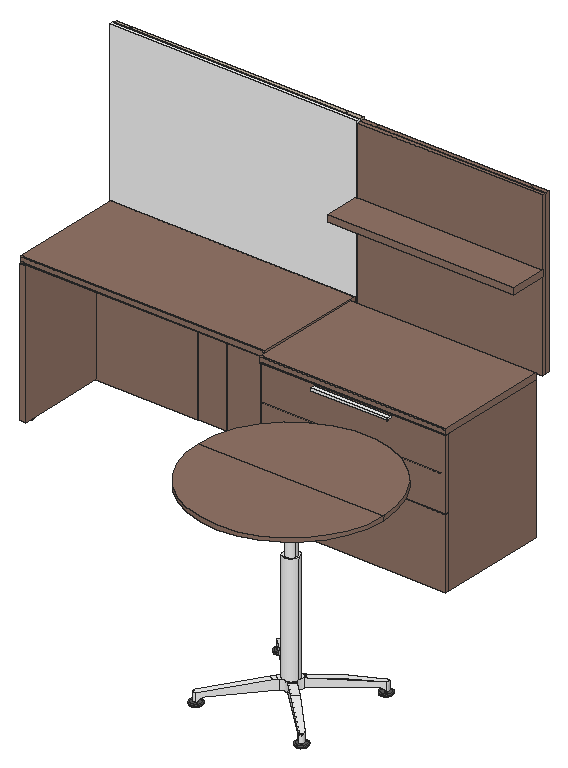
Revit family "FLV012", category Furniture, Revit 2019 (continued)
Definition of nested family "JSI-Flux-File_Strg_Crednz"
  Automatic sketch dimensions
    Extrusion 18 sketch curve to plane 64 = 0' - 0"  (x2)
    Extrusion 18 sketch curve to plane 65 = 0' - 0"  (x2)
    Extrusion 14 sketch curve to plane 40 = 0' - 0"
    Extrusion 14 sketch curve to plane 27 = 0' - 0"
    Extrusion 14 sketch curve to plane 60 = 0' - 0"  (x2)
    Extrusion 14 sketch curve to plane 39 = 0' - 0"
    Extrusion 14 sketch curve to plane 61 = 0' - 0"  (x2)
    Extrusion 10 sketch curve to Extrusion 10 sketch curve = 1' - 6"
    Extrusion 15 sketch curve to Extrusion 15 sketch curve = 1' - 6"
    Extrusion 25 sketch curve to plane 11 = 0' - 0"  (x2)
    plane 14 to Extrusion 26 sketch curve = 0' - 0"
    Extrusion 26 sketch curve to plane 66 = 0' - 0"
    Extrusion 27 sketch curve to plane 66 = 0' - 0"
    plane 68 to Extrusion 27 sketch curve = 0' - 0"
    plane 14 to Extrusion 28 sketch curve = 0' - 0"
    Extrusion 28 sketch curve to plane 32 = 0' - 0"
    Extrusion 29 sketch curve to plane 32 = 0' - 0"
    plane 68 to Extrusion 29 sketch curve = 0' - 0"
    plane 14 to Extrusion 30 sketch curve = 0' - 0"
    Extrusion 30 sketch curve to plane 33 = 0' - 0"
    Extrusion 31 sketch curve to plane 33 = 0' - 0"
    plane 68 to Extrusion 31 sketch curve = 0' - 0"
    plane 14 to Extrusion 32 sketch curve = 0' - 0"
    Extrusion 32 sketch curve to plane 67 = 0' - 0"
    Extrusion 33 sketch curve to plane 67 = 0' - 0"
    plane 68 to Extrusion 33 sketch curve = 0' - 0"
    plane 13 to curve 14 = 0' - 0"
    plane 9 to curve 13 = 0' - 0"
  Nested families (in)
    nested 1: "Bar Pull C_Long" at (-14.35519, -11.125, 27.48438), visible <- "L_Pull", Pull Finish <- "Pull Finish", Pull Lines <- "L_Pull", type "PL"
      with Pull Lines yes, Pull Finish none
    nested 2: "Bar Pull C_Long" at (-14.35519, -11.125, 13.79688), Pull Finish <- "Pull Finish", Pull Lines <- "L_Pull_Bottom", visible <- "L_Pull_Bottom", type "PL"
      with Pull Lines yes, Pull Finish none
    nested 3: "Bar Pull C_Long" at (8.69374, -11.125, 27.48438), visible <- "C_Pull", Pull Finish <- "Pull Finish", Pull Lines <- "C_Pull", type "PL"
      with Pull Lines yes, Pull Finish none
    nested 4: "Bar Pull C_Long" at (8.69374, -11.125, 13.79688), Pull Finish <- "Pull Finish", Pull Lines <- "C_Pull_Bottom", visible <- "C_Pull_Bottom", type "PL"
      with Pull Lines yes, Pull Finish none
    nested 5: "Bar Pull C_Long" at (31.74267, -11.125, 27.48438), visible <- "R_Pull", Pull Finish <- "Pull Finish", Pull Lines <- "R_Pull", type "PL"
      with Pull Lines yes, Pull Finish none
    nested 6: "Bar Pull C_Long" at (31.74267, -11.125, 13.79688), Pull Finish <- "Pull Finish", Pull Lines <- "R_Pull_Bottom", visible <- "R_Pull_Bottom", type "PL"
      with Pull Lines yes, Pull Finish none
    nested 7: "Label 1-16" at (11.93587, -11.25, 0), type "DRWCFG"
    nested 8: "Bar Pull C_Long" at (-14.35519, -11.125, 20.64063), visible <- "F3", Pull Finish <- "Pull Finish", Pull Lines <- "F3", type "PL"
      with Pull Lines no, Pull Finish none
  Definition of nested family "Bar Pull C_Long"
    Parameters
      Stud = Long Pull Width / 7  # 0' - 2.12261"
      Pull Lines [instance] = yes
      Long Pull Width = 1' - 2.85827"
      Pull Finish [instance] = none
    Reference planes (in)
      plane 1 "Center Front/Back": y = 0
      plane 2: z = 0
      plane 3 "Center Left/Right": x = 3.24213
      plane 4: y = -0.125
    Forms (in)
      Extrusion 1, solid, material <- "Pull Finish"
        sketch origin (0, 0, 0) x (1, 0, 0) y (0, 1, 0)
          loop
            line (-4.18701, 0) -> (-4.18701, -0.85113)
            arc (-4.18701, -0.85113) -> (-4.15955, -0.91742) -> (-4.09326, -0.94488) r 0.09375
            line (-4.09326, -0.94488) -> (10.59252, -0.94488)
            arc (10.59252, -0.94488) -> (10.6482, -0.92182) -> (10.67126, -0.86614) r 0.07874
            line (10.67126, -0.86614) -> (10.67126, 0) -> (8.54865, 0) -> (8.54865, -0.70177)
            arc (8.54865, -0.70177) -> (8.51204, -0.79016) -> (8.42365, -0.82677) r 0.125
            line (8.42365, -0.82677) -> (-1.9394, -0.82677)
            arc (-1.9394, -0.82677) -> (-2.02779, -0.79016) -> (-2.0644, -0.70177) r 0.125
            line (-2.0644, -0.70177) -> (-2.0644, 0) -> (-4.18701, 0)
        from -0.43307 to -0.11811
      Extrusion 2, solid, material <- "Pull Finish"
        sketch origin (0, 0, 0) x (1, 0, 0) y (0, 1, 0)
          loop
            line (-4.18701, 0) -> (-4.18701, -0.85113)
            arc (-4.18701, -0.85113) -> (-4.15955, -0.91742) -> (-4.09326, -0.94488) r 0.09375
            line (-4.09326, -0.94488) -> (10.59252, -0.94488)
            arc (10.59252, -0.94488) -> (10.6482, -0.92182) -> (10.67126, -0.86614) r 0.07874
            line (10.67126, -0.86614) -> (10.67126, 0) -> (-4.18701, 0)
        from 0 to -0.11811
    Cuts and joins
      joined: Extrusion 1, Extrusion 2
    Lines and regions (in)
      symbolic lines, visible <- "Pull Lines"
        curve 1: line (-4.18701, -0.125, 0) -> (-4.18701, -0.85113, 0)
        curve 2: line (-4.09326, -0.94488, 0) -> (10.59252, -0.94488, 0)
        curve 3: line (10.67126, -0.86614, 0) -> (10.67126, -0.125, 0)
        curve 4: arc (10.59252, -0.94488, 0) -> (10.6482, -0.92182, 0) -> (10.67126, -0.86614, 0) r 0.07874
        curve 5: arc (-4.18701, -0.85113, 0) -> (-4.15955, -0.91742, 0) -> (-4.09326, -0.94488, 0) r 0.09375
    Dimensions and locks (in)
      equal spacing: Extrusion 1 sketch curve, plane 3 "Center Left/Right", Extrusion 1 sketch curve
      "Stud": Extrusion 1 sketch curve to Extrusion 1 sketch curve  (x2)
      "Long Pull Width": Extrusion 1 sketch curve to Extrusion 1 sketch curve
      locked: plane 4 to plane 1 "Center Front/Back" at 0.125
      aligned and locked: level to plane 2
      aligned and locked: Extrusion 2 sketch curve to Extrusion 1  (x2)
      aligned and locked: cut or joined group of Extrusion 1, Extrusion 2 to curve 1
      aligned and locked: curve 4 to cut or joined group of Extrusion 1, Extrusion 2
      aligned and locked: curve 5 to cut or joined group of Extrusion 1, Extrusion 2
      aligned and locked: plane 4 to curve 1
      aligned and locked: plane 4 to curve 3
    Automatic sketch dimensions
      plane 1 "Center Front/Back" to Extrusion 2 sketch curve = 0' - 0"
      plane 1 "Center Front/Back" to Extrusion 1 sketch curve = 0' - 0"  (x2)
      Extrusion 1 sketch curve to Extrusion 1 sketch curve = 0' - 0 3/32"
      Extrusion 1 sketch curve to Extrusion 1 sketch curve = 0' - 0 1/8"  (x2)
      Extrusion 1 sketch curve to Extrusion 1 sketch curve = 0' - 0.07874"
      plane 4 to Extrusion 1 sketch curve = 0' - 0.57677"
      plane 4 to Extrusion 1 sketch curve = 0' - 0.72613"
  Definition of nested family "Label 1-16"
    Parameters
      Model Name = "LOW DOOR"
    Reference planes (in)
      plane 1: y = 0
      plane 2: x = 0
    Text (in)
      label "XX" at (0.00051, -0.12324, 0), shows "Model Name"
Definition of nested family "JSI-Flux-Wall_Mount_Mkrbrd"
  Parameters (values of type "Type Catalog - Wall Mount Markerboard")
    Width = 4' - 0"
    URL = "www.jsifurniture.com"
    Type Comments = ""
    TAG = ""
    Support Width = if(Width > 3' 3", 2' 6", (if(Width > 2' 9", 2' 0", (if(Width > 2' 0", 1' 6", (if(Width > 1' 6", 1' 0", 0' 7")))))))  # 2' - 6"
    Support Height = if(Height > 3' 5", 0' 7 1/2", if(Height > 2' 8", 0' 11 1/2", 0' 2 1/4"))  # 0' - 11 1/2"
    Support = none
    Series = "FLUX"  # constant formula
    OH Elevation = 2' - 5"
    Model = ""
    Manufacturer = "JSI"  # constant formula
    Keynote = "12500"
    JSI Enviromental Website = "http://www.jsifurniture.com/jsi_sustainability_intro.php"
    Height = 3' - 5"
    Markerboard = none
    Description = ""
    Depth = 0' - 1 1/2"
    Chassis = none
    Assembly Code = "E2020200"
  Reference planes (in)
    plane 1: z = 0
    plane 2 "Center (Left/Right)": x = -36.06413
    plane 3 "Center (Front/Back)": y = 10.75
    plane 4: x = 11.93587
    plane 5: y = 10
    plane 6: y = 9.25
    plane 7: x = -12.06413
    plane 8: x = -33.06413
    plane 9: x = 8.93587
    plane 10: z = 70
    plane 11: z = 69.75
    plane 12: z = 66.75
    plane 13: z = 64.5
    plane 14: z = 40.5
    plane 15: z = 42.75
    plane 16: z = 65.25
    plane 17: z = 41.25
    plane 18: x = -27.06413
    plane 19: x = 2.93587
    plane 20: z = 29
  Forms (in)
    Extrusion 1, solid, material <- "Markerboard"
      sketch origin (0, 0, 0) x (1, 0, 0) y (0, 1, 0)
        loop
          line (11.93587, 10) -> (-36.06413, 10) -> (-36.06413, 9.25) -> (11.93587, 9.25) -> (11.93587, 10)
      from 29 to 69.75
    Extrusion 2, solid, material <- "Chassis"
      sketch origin (0, 0, 0) x (1, 0, 0) y (0, 1, 0)
        loop
          line (-36.06413, 10.75) -> (-36.06413, 10) -> (-33.06413, 10) -> (-33.06413, 10.75) -> (-36.06413, 10.75)
      from 29 to 69.75
    Extrusion 3, solid, material <- "Chassis"
      sketch origin (0, 0, 0) x (1, 0, 0) y (0, 1, 0)
        loop
          line (8.93587, 10.75) -> (8.93587, 10) -> (11.93587, 10) -> (11.93587, 10.75) -> (8.93587, 10.75)
      from 29 to 69.75
    Extrusion 4, solid, material <- "Support"
      sketch origin (0, 0, 0) x (0, 1, 0) y (0, 0, 1)
        loop
          line (10.75, 69.75) -> (10, 69.75) -> (10, 66.75) -> (10.75, 66.75) -> (10.75, 69.75)
      from -33.06413 to 8.93587
    Extrusion 5, solid, material <- "Support"
      sketch origin (0, 0, 0) x (0, 1, 0) y (0, 0, 1)
        loop
          line (10.75, 65.25) -> (10.75, 66.75) -> (10, 66.75) -> (10, 65.25) -> (10.75, 65.25)
      from -27.06413 to 2.93587
    Extrusion 6, solid, material <- "Support"
      sketch origin (0, 0, 0) x (0, 1, 0) y (0, 0, 1)
        loop
          line (10.75, 65.25) -> (10, 65.25) -> (10, 64.5) -> (10.75, 64.5) -> (10.75, 65.25)
      from -27.06413 to 2.93587
    Extrusion 7, solid, material <- "Support"
      sketch origin (0, 0, 0) x (0, 1, 0) y (0, 0, 1)
        loop
          line (10.75, 42.75) -> (10, 42.75) -> (10, 41.25) -> (10.75, 41.25) -> (10.75, 42.75)
      from -27.06413 to 2.93587
    Extrusion 8, solid, material <- "Support"
      sketch origin (0, 0, 0) x (0, 1, 0) y (0, 0, 1)
        loop
          line (10.75, 41.25) -> (10, 41.25) -> (10, 40.5) -> (10.75, 40.5) -> (10.75, 41.25)
      from -27.06413 to 2.93587
  Lines and regions (in)
    symbolic lines
      curve 1: line (-36.06413, 10.75, 0) -> (-36.06413, 9.25, 0)
      curve 2: line (11.93587, 10.75, 0) -> (11.93587, 9.25, 0)
      curve 3: line (11.93587, 10.75, 0) -> (-36.06413, 10.75, 0)
      curve 4: line (11.93587, 9.25, 0) -> (-36.06413, 9.25, 0)
  Dimensions and locks (in)
    locked: plane 5 to plane 3 "Center (Front/Back)" at 0.75
    "Depth": plane 6 to plane 3 "Center (Front/Back)"
    "Width": plane 2 "Center (Left/Right)" to plane 4
    equal spacing: plane 2 "Center (Left/Right)", plane 7, plane 4
    locked: plane 2 "Center (Left/Right)" to plane 8 at 3
    locked: plane 9 to plane 4 at 3
    plane 10 to plane 11 to plane 12 = 0' - 0 1/4" locked, 0' - 3" locked
    locked: plane 12 to plane 13 at 2.25
    locked: plane 15 to plane 14 at 2.25
    locked: plane 15 to plane 17 at 1.5
    locked: plane 12 to plane 16 at 1.5
    "Support Width": plane 18 to plane 19
    equal spacing: plane 18, plane 7, plane 19
    "OH Elevation": plane 20 to plane 1
    "Height": plane 10 to plane 20
    "Support Height": plane 14 to plane 20
    aligned and locked: level to plane 1
    aligned and locked: Extrusion 1 sketch curve to plane 5
    aligned and locked: Extrusion 1 sketch curve to plane 6
    aligned and locked: Extrusion 1 sketch curve to plane 2 "Center (Left/Right)"
    aligned and locked: Extrusion 1 sketch curve to plane 4
    aligned and locked: plane 11 to Extrusion 1
    aligned and locked: Extrusion 1 to plane 20
    aligned and locked: Extrusion 2 sketch curve to plane 2 "Center (Left/Right)"
    aligned and locked: Extrusion 2 sketch curve to plane 8
    aligned and locked: Extrusion 2 sketch curve to plane 5
    aligned and locked: Extrusion 2 sketch curve to plane 3 "Center (Front/Back)"
    aligned and locked: Extrusion 3 sketch curve to plane 9
    aligned and locked: Extrusion 3 sketch curve to plane 4
    aligned and locked: Extrusion 3 sketch curve to plane 5
    aligned and locked: Extrusion 3 sketch curve to plane 3 "Center (Front/Back)"
    aligned and locked: plane 11 to Extrusion 2
    aligned and locked: plane 11 to Extrusion 3
    aligned and locked: Extrusion 2 to plane 20
    aligned and locked: Extrusion 3 to plane 20
    aligned and locked: plane 11 to Extrusion 4 sketch curve
    aligned and locked: plane 12 to Extrusion 4 sketch curve
    aligned and locked: plane 3 "Center (Front/Back)" to Extrusion 4 sketch curve
    aligned and locked: plane 5 to Extrusion 4 sketch curve
    aligned and locked: Extrusion 4 to plane 8
    aligned and locked: plane 9 to Extrusion 4
    aligned and locked: plane 16 to Extrusion 5 sketch curve
    aligned and locked: plane 12 to Extrusion 5 sketch curve
    aligned and locked: plane 5 to Extrusion 5 sketch curve
    aligned and locked: plane 3 "Center (Front/Back)" to Extrusion 5 sketch curve
    aligned and locked: plane 16 to Extrusion 6 sketch curve
    aligned and locked: plane 13 to Extrusion 6 sketch curve
    aligned and locked: plane 3 "Center (Front/Back)" to Extrusion 6 sketch curve
    aligned and locked: plane 5 to Extrusion 6 sketch curve
    aligned and locked: plane 15 to Extrusion 7 sketch curve
    aligned and locked: plane 17 to Extrusion 7 sketch curve
    aligned and locked: plane 3 "Center (Front/Back)" to Extrusion 7 sketch curve
    aligned and locked: plane 5 to Extrusion 7 sketch curve
    aligned and locked: plane 17 to Extrusion 8 sketch curve
    aligned and locked: plane 14 to Extrusion 8 sketch curve
    aligned and locked: plane 3 "Center (Front/Back)" to Extrusion 8 sketch curve
    aligned and locked: plane 5 to Extrusion 8 sketch curve
    aligned and locked: Extrusion 5 to plane 18
    aligned and locked: Extrusion 6 to plane 18
    aligned and locked: plane 19 to Extrusion 5
    aligned and locked: plane 19 to Extrusion 6
    aligned and locked: Extrusion 8 to plane 18
    aligned and locked: Extrusion 7 to plane 18
    aligned and locked: plane 19 to Extrusion 8
    aligned and locked: plane 19 to Extrusion 7
    aligned and locked: curve 1 to plane 2 "Center (Left/Right)"
    aligned and locked: curve 2 to plane 4
    aligned and locked: curve 3 to plane 3 "Center (Front/Back)"
    aligned and locked: curve 4 to plane 6
Definition of nested family "JSI-Flux-Workwall_Panel"
  Parameters (values of type "Type Catalog - Workwall Panel")
    Width = 3' - 6"
    URL = "www.jsifurniture.com"
    Type Comments = ""
    Tray = if(Tray_V_Dist < Depth, 2 > 1, 1 > 2)  # yes
    Tray_V_Dist = if(L_Bracket, (Depth + 0' 2"), (if(R_Bracket, (Depth + 0' 2"), (if(Acc, Cup Dist, Depth + 0' 2")))))  # 0' - 3 33/64"
    Tr = yes
    TAG = ""
    Support Width = if(Width > 3' 3", 2' 6", (if(Width > 2' 9", 2' 0", (if(Width > 2' 0", 1' 6", (if(Width > 1' 6", 1' 0", 0' 7")))))))  # 2' - 6"
    Support Height = if(Height > 3' 5", 0' 7 1/2", if(Height > 2' 8", 0' 11 1/2", 0' 2 1/4"))  # 0' - 2 1/4"
    Support = none
    Shelf = none
    Series = "FLUX"  # constant formula
    Tray_H_Dist = if(R, (Clip Dist + 0' 10 31/32"), (Clip Dist - 0' 10 31/32"))  # 1' - 0 1/32"
    R_Bracket_V_Dist = if(R_Bracket, 0' 0", Depth + 0' 2")  # 0' - 10 17/32"
    R_Bracket Dist = L_Bracket Dist  # 0' - 5 13/16"
    R_Bracket = no
    OH Elevation = 2' - 5"
    Model = ""
    Manufacturer = "JSI"  # constant formula
    L_Bracket_V_Dist = if(L_Bracket, 0' 0", Depth + 0' 2")  # 0' - 10 17/32"
    L_Bracket = no
    R = no
    Keynote = "12500"
    JSI Enviromental Website = "http://www.jsifurniture.com/jsi_sustainability_intro.php"
    Height = 2' - 0"
    Panel = none
    Description = ""
    Depth = 0' - 8 17/32"
    Cup Dist = if(Acc, 0' 3 33/64", Depth + 0' 2")  # 0' - 3 33/64"
    Cup_H_Dist = if(R, (if(Width > 3' 3", 0' 9", (if(Width > 3' 0", 0' 8", (if(Width > 2' 9", 0' 7", (if(Width > 2' 6", 0' 6", 0' 5")))))))), (if(Width > 3' 3", (Width - 0' 9"), (if(Width > 3' 0", (Width - 0' 8"), (if(Width > 2' 9", (Width - 0' 7"), (if(Width > 2' 6", (Width - 0' 6"), (Width - 0' 5"))))))))))  # 2' - 9"
    Cup = if(Cup Dist < Depth, 2 > 1, 1 > 2)  # yes
    Clip = if(Cup Dist < Depth, 2 > 1, 1 > 2)  # yes
    Chassis = none
    Clip Dist = if(R, ((Cup_H_Dist * 2) + 0' 1"), (Cup_H_Dist - (if(Width > 3' 3", 0' 10", (if(Width > 3' 0", 0' 9", (if(Width > 2' 9", 0' 8", (if(Width > 2' 6", 0' 7", 0' 6"))))))))))  # 1' - 11"
    Bracket Width = 1' - 0 1/4"
    L_Bracket Dist = (if(Width > 3' 3", 0' 5 13/16", (if(Width > 3' 0", 0' 4 13/16", (if(Width > 2' 9", 0' 3 13/16", (if(Width > 2' 6", 0' 2 13/16", 0' 1 13/16"))))))))  # 0' - 5 13/16"
    Bracket Depth = 0' - 4 3/4"
    Assembly Code = "E2020200"
    Accessories = none
    Acc = yes
  Reference planes (in)
    plane 1: z = 0
    plane 2 "Center (Left/Right)": x = -36.06413
    plane 3 "Center (Front/Back)": y = 10.75
    plane 4: x = 5.93587
    plane 5: y = 10
    plane 6: y = 9.25
    plane 7: x = -15.06413
    plane 8: x = -33.06413
    plane 9: x = 2.93587
    plane 10: z = 53
    plane 11: z = 52.5
    plane 12: z = 49.5
    plane 13: z = 47.25
    plane 14: z = 31.25
    plane 15: z = 33.5
    plane 16: z = 48
    plane 17: z = 32
    plane 18: x = -30.06413
    plane 19: x = -0.06413
    plane 20: z = 29
    plane 21: z = 38.28125
    plane 22: z = 39.46875
    plane 23: y = 2.21875
    plane 24: x = -3.06413
    plane 25: x = -13.06413
    plane 26: x = -24.03288
    plane 27: y = 5.73437
    plane 28: x = -28.67351
    plane 29: x = -19.39226
    plane 30: x = -27.04851
    plane 31: x = -21.01726
    plane 32: y = 7.35937
    plane 33: y = 4.10937
    plane 34: y = -6.03125
    plane 35: x = -30.25163
    plane 36: x = -18.00163
    plane 37: x = -12.12663
    plane 38: x = 0.12337
    plane 39: y = -1.28125
    plane 40: y = -6.03125
    plane 41: y = -1.28125
    plane 42: y = 5.73437
  Forms (in)
    Extrusion 1, solid, material <- "Panel"
      sketch origin (0, 0, 0) x (1, 0, 0) y (0, 1, 0)
        loop
          line (5.93587, 10) -> (-36.06413, 10) -> (-36.06413, 9.25) -> (5.93587, 9.25) -> (5.93587, 10)
      from 29 to 52.5
    Extrusion 2, solid, material <- "Chassis"
      sketch origin (0, 0, 0) x (1, 0, 0) y (0, 1, 0)
        loop
          line (-36.06413, 10.75) -> (-36.06413, 10) -> (-33.06413, 10) -> (-33.06413, 10.75) -> (-36.06413, 10.75)
      from 29 to 52.5
    Extrusion 3, solid, material <- "Chassis"
      sketch origin (0, 0, 0) x (1, 0, 0) y (0, 1, 0)
        loop
          line (2.93587, 10.75) -> (2.93587, 10) -> (5.93587, 10) -> (5.93587, 10.75) -> (2.93587, 10.75)
      from 29 to 52.5
    Extrusion 4, solid, material <- "Support"
      sketch origin (0, 0, 0) x (0, 1, 0) y (0, 0, 1)
        loop
          line (10.75, 52.5) -> (10, 52.5) -> (10, 49.5) -> (10.75, 49.5) -> (10.75, 52.5)
      from -33.06413 to 2.93587
    Extrusion 5, solid, material <- "Support"
      sketch origin (0, 0, 0) x (0, 1, 0) y (0, 0, 1)
        loop
          line (10.75, 48) -> (10.75, 49.5) -> (10, 49.5) -> (10, 48) -> (10.75, 48)
      from -30.06413 to -0.06413
    Extrusion 6, solid, material <- "Support"
      sketch origin (0, 0, 0) x (0, 1, 0) y (0, 0, 1)
        loop
          line (10.75, 48) -> (10, 48) -> (10, 47.25) -> (10.75, 47.25) -> (10.75, 48)
      from -30.06413 to -0.06413
    Extrusion 7, solid, material <- "Support"
      sketch origin (0, 0, 0) x (0, 1, 0) y (0, 0, 1)
        loop
          line (10.75, 33.5) -> (10, 33.5) -> (10, 32) -> (10.75, 32) -> (10.75, 33.5)
      from -30.06413 to -0.06413
    Extrusion 8, solid, material <- "Support"
      sketch origin (0, 0, 0) x (0, 1, 0) y (0, 0, 1)
        loop
          line (10.75, 32) -> (10, 32) -> (10, 31.25) -> (10.75, 31.25) -> (10.75, 32)
      from -30.06413 to -0.06413
    Extrusion 9, solid, material <- "Shelf"
      sketch origin (0, 0, 0) x (1, 0, 0) y (0, 1, 0)
        loop
          line (-36.06413, 9.25) -> (-36.06413, 2.21875) -> (5.93587, 2.21875) -> (5.93587, 9.25) -> (-36.06413, 9.25)
      from 38.28125 to 39.46875
    Extrusion 10, void
      sketch origin (0, 0, 0) x (1, 0, 0) y (0, 1, 0)
        loop
          circle (-3.06413, 5.73437) r 1.625
      from 38.28125 to 39.46875
    Extrusion 11, void
      sketch origin (0, 0, 0) x (1, 0, 0) y (0, 1, 0)
        loop
          circle (-13.06413, 5.73437) r 1.625
      from 38.28125 to 39.46875
    Extrusion 12, void
      sketch origin (0, 0, 0) x (1, 0, 0) y (0, 1, 0)
        loop
          line (-21.01726, 7.35937) -> (-27.04851, 7.35937)
          arc (-27.04851, 7.35937) -> (-28.67351, 5.73437) -> (-27.04851, 4.10937) r 1.625
          line (-27.04851, 4.10937) -> (-21.01726, 4.10937)
          arc (-21.01726, 4.10937) -> (-19.39226, 5.73437) -> (-21.01726, 7.35937) r 1.625
      from 38.28125 to 39.46875
    Extrusion 13, void
      sketch origin (0, 0, 0) x (1, 0, 0) y (0, 1, 0)
        loop
          line (-30.25163, -1.28125) -> (-30.25163, -6.03125) -> (-18.00163, -6.03125) -> (-18.00163, -1.28125) -> (-30.25163, -1.28125)
      from 38.28125 to 39.46875
    Extrusion 14, void
      sketch origin (0, 0, 0) x (1, 0, 0) y (0, 1, 0)
        loop
          line (0.12337, -1.28125) -> (-12.12663, -1.28125) -> (-12.12663, -6.03125) -> (0.12337, -6.03125) -> (0.12337, -1.28125)
      from 38.28125 to 39.46875
    Sweep 15, solid, material <- "Accessories", visible <- "Tray"
      path origin (0, 0, 0) x (1, 0, 0) y (0, 1, 0)
        loop
          line (-21.01726, 7.35937) -> (-27.04851, 7.35937)
          arc (-27.04851, 7.35937) -> (-28.67351, 5.73437) -> (-27.04851, 4.10937) r 1.625
          line (-27.04851, 4.10937) -> (-21.01726, 4.10937)
          arc (-21.01726, 4.10937) -> (-19.39226, 5.73437) -> (-21.01726, 7.35937) r 1.625
      profile origin (-24.03288, 7.35937, 0) x (0, -1, 0) y (0, 0, 1)
        loop
          arc (0, 39.46875) -> (0.54949, 38.60245) -> (1.52387, 38.28153) r 1.52225
          line (1.52387, 38.28153) -> (1.52387, 38.34405)
          arc (1.52387, 38.34405) -> (0.58814, 38.65157) -> (0.06075, 39.48346) r 1.45975
          arc (0.06075, 39.48346) -> (-0.08554, 39.59111) -> (-0.21979, 39.46875) r 0.14324
          line (-0.21979, 39.46875) -> (-0.15609, 39.46875)
          arc (-0.15609, 39.46875) -> (-0.07805, 39.5288) -> (0, 39.46875) r 0.08074
    Extrusion 16, solid, material <- "Accessories", visible <- "Tray"
      sketch origin (0, 0, 0) x (1, 0, 0) y (0, 1, 0)
        loop
          arc (-27.04851, 5.83551) -> (-27.14964, 5.73437) -> (-27.04851, 5.63324) r 0.10113
          line (-27.04851, 5.63324) -> (-21.01726, 5.63324)
          arc (-21.01726, 5.63324) -> (-20.91613, 5.73437) -> (-21.01726, 5.83551) r 0.10113
          line (-21.01726, 5.83551) -> (-27.04851, 5.83551)
      from 38.28153 to 38.34405
    Revolve 17, solid, material <- "Accessories", visible <- "Clip"
      sketch origin (163.13476, 5.73437, 48) x (1, 0, 0) y (0, 0, 1)
        loop
          arc (-176.19889, -9.71903) -> (-175.17945, -9.40847) -> (-174.57389, -8.53153) r 1.61904
          arc (-174.57389, -8.53153) -> (-174.49599, -8.47209) -> (-174.41788, -8.53125) r 0.08096
          line (-174.41788, -8.53125) -> (-174.35405, -8.53125)
          arc (-174.35405, -8.53125) -> (-174.4875, -8.40983) -> (-174.63414, -8.51492) r 0.14346
          arc (-174.63414, -8.51492) -> (-175.21733, -9.35873) -> (-176.19889, -9.65648) r 1.55654
          line (-176.19889, -9.65648) -> (-176.19889, -9.71903)
        axis (-176.19889, -8.51492) -> (-176.19889, -9.71903)
      angle from 0 to 360
    Revolve 18, solid, material <- "Accessories", visible <- "Cup"
      sketch origin (163.13476, 5.73437, 48) x (1, 0, 0) y (0, 0, 1)
        loop
          arc (-164.57389, -8.53125) -> (-164.44889, -8.40625) -> (-164.32389, -8.53125) r 0.125
          line (-164.32389, -8.53125) -> (-164.26139, -8.53125)
          arc (-164.26139, -8.53125) -> (-164.44889, -8.34375) -> (-164.63639, -8.53125) r 0.1875
          line (-164.63639, -8.53125) -> (-164.63639, -12.78125)
          arc (-164.63639, -12.78125) -> (-164.6547, -12.82544) -> (-164.69889, -12.84375) r 0.0625
          line (-164.69889, -12.84375) -> (-166.19889, -12.84375) -> (-166.19889, -12.90625) -> (-164.69889, -12.90625)
          arc (-164.69889, -12.90625) -> (-164.6105, -12.86964) -> (-164.57389, -12.78125) r 0.125
          line (-164.57389, -12.78125) -> (-164.57389, -8.53125)
        axis (-166.19889, -8.53125) -> (-166.19889, -12.90625)
      angle from 0 to 360
  Cuts and joins
    Extrusion 10, Extrusion 11, Extrusion 12, Extrusion 13, Extrusion 14 cuts Extrusion 9
  Lines and regions (in)
    symbolic lines
      curve 1: line (-36.06413, 10.75, 0) -> (-36.06413, 9.25, 0)
      curve 2: line (5.93587, 10.75, 0) -> (5.93587, 9.25, 0)
      curve 3: line (5.93587, 10.75, 0) -> (-36.06413, 10.75, 0)
      curve 4: line (5.93587, 9.25, 0) -> (-36.06413, 9.25, 0)
      curve 5: line (-36.06413, 9.25, 0) -> (-36.06413, 2.21875, 0)
      curve 6: line (5.93587, 9.25, 0) -> (5.93587, 2.21875, 0)
      curve 7: line (5.93587, 2.21875, 0) -> (-36.06413, 2.21875, 0)
    symbolic lines, visible <- "Tr"
      curve 8: line (-21.01726, 7.35937, 0) -> (-27.04851, 7.35937, 0)
      curve 9: arc (-27.04851, 7.35937, 0) -> (-28.67351, 5.73437, 0) -> (-27.04851, 4.10937, 0) r 1.625
      curve 10: line (-27.04851, 4.10937, 0) -> (-21.01726, 4.10937, 0)
      curve 11: arc (-21.01726, 4.10937, 0) -> (-19.39226, 5.73437, 0) -> (-21.01726, 7.35937, 0) r 1.625
    symbolic lines, visible <- "Acc"
      curve 12: arc (-11.43913, 5.73437, 0) -> (-13.06413, 7.35937, 0) -> (-14.68913, 5.73437, 0) r 1.625
      curve 13: arc (-14.68913, 5.73437, 0) -> (-13.06413, 4.10937, 0) -> (-11.43913, 5.73437, 0) r 1.625
      curve 14: arc (-1.43913, 5.73437, 0) -> (-3.06413, 7.35937, 0) -> (-4.68913, 5.73437, 0) r 1.625
      curve 15: arc (-4.68913, 5.73437, 0) -> (-3.06413, 4.10937, 0) -> (-1.43913, 5.73437, 0) r 1.625
    symbolic lines, visible <- "L_Bracket"
      curve 16: line (-30.25163, -1.28125, 0) -> (-30.25163, -6.03125, 0)
      curve 17: line (-30.25163, -6.03125, 0) -> (-18.00163, -6.03125, 0)
      curve 18: line (-18.00163, -6.03125, 0) -> (-18.00163, -1.28125, 0)
    symbolic lines, visible <- "R_Bracket"
      curve 19: line (-12.12663, -6.03125, 0) -> (0.12337, -6.03125, 0)
      curve 20: line (0.12337, -6.03125, 0) -> (0.12337, -1.28125, 0)
      curve 21: line (-12.12663, -1.28125, 0) -> (-12.12663, -6.03125, 0)
  Dimensions and locks (in)
    locked: plane 5 to plane 3 "Center (Front/Back)" at 0.75
    "Width": plane 2 "Center (Left/Right)" to plane 4
    equal spacing: plane 2 "Center (Left/Right)", plane 7, plane 4
    locked: plane 2 "Center (Left/Right)" to plane 8 at 3
    locked: plane 9 to plane 4 at 3
    plane 10 to plane 11 to plane 12 = 0' - 0 1/2" locked, 0' - 3" locked
    locked: plane 12 to plane 13 at 2.25
    locked: plane 15 to plane 14 at 2.25
    locked: plane 15 to plane 17 at 1.5
    locked: plane 12 to plane 16 at 1.5
    "Support Width": plane 18 to plane 19
    equal spacing: plane 18, plane 7, plane 19
    "OH Elevation": plane 20 to plane 1
    "Support Height": plane 14 to plane 20
    locked: plane 22 to plane 21 at 1.1875
    locked: plane 6 to plane 5 at 0.75
    "Depth": plane 23 to plane 3 "Center (Front/Back)"
    locked: plane 11 to plane 22 at 13.03125
    plane 28 to plane 26 to plane 29 = 0' - 4 41/64" locked, 0' - 4 41/64" locked
    locked: plane 28 to plane 30 at 1.625
    locked: plane 31 to plane 29 at 1.625
    "Cup_H_Dist": plane 2 "Center (Left/Right)" to plane 24
    "Clip Dist": plane 2 "Center (Left/Right)" to plane 25
    "Tray_H_Dist": plane 2 "Center (Left/Right)" to plane 26
    "Bracket Width": plane 35 to plane 36
    "L_Bracket Dist": plane 2 "Center (Left/Right)" to plane 35
    "Bracket Width": plane 37 to plane 38
    "R_Bracket Dist": plane 38 to plane 4
    locked: plane 33 to plane 32 at 3.25
    "Bracket Depth": plane 34 to plane 39
    "L_Bracket_V_Dist": plane 39 to plane 6
    "Bracket Depth": plane 40 to plane 41
    "R_Bracket_V_Dist": plane 41 to plane 6
    "Cup Dist": plane 27 to plane 6
    locked: plane 42 to plane 32 at 1.625
    "Tray_V_Dist": plane 42 to plane 6
    "Height": plane 10 to plane 20
    Sweep 15 sketch curve to Sweep 15 sketch curve to Sweep 15 sketch curve to Sweep 15 sketch curve to Sweep 15 sketch curve to plane 42 = 0' - 0.06369" locked, 0' - 0.15609" locked, 0' - 0.06075" locked, 0' - 1.46311" locked, 0' - 0.10113" locked
    Sweep 15 sketch curve to Sweep 15 sketch curve to plane 22 to Sweep 15 sketch curve to Sweep 15 sketch curve = 0' - 0 1/16" locked, 0' - 0.06005" locked, 0' - 1.1247" locked, 0' - 0.06252" locked
    Revolve 17 sketch curve to Revolve 17 sketch curve to Revolve 17 sketch curve to Revolve 17 sketch curve to plane 25 = 0' - 0.06382" locked, 0' - 0.15601" locked, 0' - 0.06025" locked, 0' - 1.56475" locked
    Revolve 17 sketch curve to Revolve 17 sketch curve to plane 22 to Revolve 17 sketch curve to Revolve 17 sketch curve = 0' - 0 1/16" locked, 0' - 0.05916" locked, 0' - 1.12523" locked, 0' - 0.06255" locked
    Revolve 18 sketch curve to Revolve 18 sketch curve to Revolve 18 sketch curve to Revolve 18 sketch curve to plane 24 = 0' - 0 1/16" locked, 0' - 0 1/4" locked, 0' - 0 1/16" locked, 0' - 1 9/16" locked
    Revolve 18 sketch curve to Revolve 18 sketch curve to plane 22 to Revolve 18 sketch curve to Revolve 18 sketch curve = 0' - 0 1/16" locked, 0' - 0 1/8" locked, 0' - 4 5/16" locked, 0' - 0 1/16" locked
    radius of Extrusion 10 sketch curve = 0' - 1 5/8"
    radius of Extrusion 11 sketch curve = 0' - 1 5/8"
    radius of Extrusion 12 sketch curve = 0' - 1 5/8"  (x2)
    aligned and locked: level to plane 1
    aligned and locked: Extrusion 1 sketch curve to plane 5
    aligned and locked: Extrusion 1 sketch curve to plane 6
    aligned and locked: Extrusion 1 sketch curve to plane 2 "Center (Left/Right)"
    aligned and locked: Extrusion 1 sketch curve to plane 4
    aligned and locked: plane 11 to Extrusion 1
    aligned and locked: Extrusion 1 to plane 20
    aligned and locked: Extrusion 2 sketch curve to plane 2 "Center (Left/Right)"
    aligned and locked: Extrusion 2 sketch curve to plane 8
    aligned and locked: Extrusion 2 sketch curve to plane 5
    aligned and locked: Extrusion 2 sketch curve to plane 3 "Center (Front/Back)"
    aligned and locked: Extrusion 3 sketch curve to plane 9
    aligned and locked: Extrusion 3 sketch curve to plane 4
    aligned and locked: Extrusion 3 sketch curve to plane 5
    aligned and locked: Extrusion 3 sketch curve to plane 3 "Center (Front/Back)"
    aligned and locked: plane 11 to Extrusion 2
    aligned and locked: plane 11 to Extrusion 3
    aligned and locked: Extrusion 2 to plane 20
    aligned and locked: Extrusion 3 to plane 20
    aligned and locked: plane 11 to Extrusion 4 sketch curve
    aligned and locked: plane 12 to Extrusion 4 sketch curve
    aligned and locked: plane 3 "Center (Front/Back)" to Extrusion 4 sketch curve
    aligned and locked: plane 5 to Extrusion 4 sketch curve
    aligned and locked: Extrusion 4 to plane 8
    aligned and locked: plane 9 to Extrusion 4
    aligned and locked: plane 16 to Extrusion 5 sketch curve
    aligned and locked: plane 12 to Extrusion 5 sketch curve
    aligned and locked: plane 5 to Extrusion 5 sketch curve
    aligned and locked: plane 3 "Center (Front/Back)" to Extrusion 5 sketch curve
    aligned and locked: plane 16 to Extrusion 6 sketch curve
    aligned and locked: plane 13 to Extrusion 6 sketch curve
    aligned and locked: plane 3 "Center (Front/Back)" to Extrusion 6 sketch curve
    aligned and locked: plane 5 to Extrusion 6 sketch curve
    aligned and locked: plane 15 to Extrusion 7 sketch curve
    aligned and locked: plane 17 to Extrusion 7 sketch curve
    aligned and locked: plane 3 "Center (Front/Back)" to Extrusion 7 sketch curve
    aligned and locked: plane 5 to Extrusion 7 sketch curve
    aligned and locked: plane 17 to Extrusion 8 sketch curve
    aligned and locked: plane 14 to Extrusion 8 sketch curve
    aligned and locked: plane 3 "Center (Front/Back)" to Extrusion 8 sketch curve
    aligned and locked: plane 5 to Extrusion 8 sketch curve
    aligned and locked: Extrusion 5 to plane 18
    aligned and locked: Extrusion 6 to plane 18
    aligned and locked: plane 19 to Extrusion 5
    aligned and locked: plane 19 to Extrusion 6
    aligned and locked: Extrusion 8 to plane 18
    aligned and locked: Extrusion 7 to plane 18
    aligned and locked: plane 19 to Extrusion 8
    aligned and locked: plane 19 to Extrusion 7
    aligned and locked: curve 1 to plane 2 "Center (Left/Right)"
    aligned and locked: curve 2 to plane 4
    aligned and locked: curve 3 to plane 3 "Center (Front/Back)"
    aligned and locked: curve 4 to plane 6
    aligned and locked: Extrusion 9 sketch curve to plane 2 "Center (Left/Right)"
    aligned and locked: Extrusion 9 sketch curve to plane 23
    aligned and locked: Extrusion 9 sketch curve to plane 6
    aligned and locked: Extrusion 9 sketch curve to plane 4
    aligned and locked: plane 22 to Extrusion 9
    aligned and locked: Extrusion 9 to plane 21
    aligned and locked: curve 5 to plane 2 "Center (Left/Right)"
    aligned and locked: curve 6 to plane 4
    aligned and locked: curve 7 to plane 23
    aligned and locked: Extrusion 12 sketch curve to plane 33
    aligned and locked: plane 22 to Extrusion 10
    aligned and locked: plane 22 to Extrusion 11
    aligned and locked: plane 22 to Extrusion 12
    aligned and locked: Extrusion 10 to plane 21
    aligned and locked: Extrusion 11 to plane 21
    aligned and locked: Extrusion 12 to plane 21
    aligned and locked: Extrusion 13 sketch curve to plane 34
    aligned and locked: Extrusion 14 sketch curve to plane 37
    aligned and locked: Extrusion 14 sketch curve to plane 38
    aligned and locked: plane 22 to Extrusion 14
    aligned and locked: Extrusion 14 to plane 21
    aligned and locked: Extrusion 13 to plane 39
    aligned and locked: Extrusion 13 sketch curve to plane 35
    aligned and locked: Extrusion 13 sketch curve to plane 36
    aligned and locked: Extrusion 13 sketch curve to plane 39
    aligned and locked: Extrusion 14 sketch curve to plane 41
    aligned and locked: Extrusion 14 sketch curve to plane 40
    aligned and locked: curve 9 to Extrusion 12
    aligned and locked: curve 11 to Extrusion 12
    aligned and locked: curve 12 to Extrusion 11
    aligned and locked: curve 13 to Extrusion 11
    aligned and locked: curve 14 to Extrusion 10
    aligned and locked: curve 15 to Extrusion 10
    aligned and locked: curve 16 to Extrusion 13
    aligned and locked: curve 17 to Extrusion 13
    aligned and locked: curve 18 to Extrusion 13
    aligned and locked: curve 19 to Extrusion 14
    aligned and locked: curve 20 to Extrusion 14
    aligned and locked: curve 21 to Extrusion 14
    aligned and locked: plane 41 to curve 21
    aligned and locked: plane 41 to curve 20
    aligned and locked: plane 22 to Extrusion 13
    aligned and locked: Extrusion 13 to plane 21
    aligned and locked: plane 39 to curve 16
    aligned and locked: plane 39 to curve 18
    aligned and locked: Sweep 15 sketch curve to curve 9
    aligned and locked: Sweep 15 sketch curve to curve 11
    aligned and locked: Sweep 15 sketch curve to plane 22
    aligned and locked: Extrusion 16 sketch curve to Sweep 15  (x2)
    aligned and locked: Extrusion 16 to Sweep 15  (x2)
    aligned and locked: Revolve 17 sketch curve to plane 22
    aligned and locked: Revolve 17 sketch curve to plane 25  (x2)
    aligned and locked: Revolve 18 sketch curve to plane 24  (x2)
    aligned and locked: Revolve 18 sketch curve to plane 22
  Automatic sketch dimensions
    Extrusion 10 sketch curve to plane 24 = 0' - 0"
    plane 27 to Extrusion 10 sketch curve = 0' - 0"
    Extrusion 11 sketch curve to plane 25 = 0' - 0"
    plane 27 to Extrusion 11 sketch curve = 0' - 0"
    Extrusion 12 sketch curve to plane 30 = 0' - 0"
    Extrusion 12 sketch curve to plane 31 = 0' - 0"
    Sweep 15 sketch curve to Sweep 15 sketch curve = 0' - 0"  (x4)
    Revolve 17 sketch curve to Revolve 17 sketch curve = 0' - 0"  (x3)
    plane 25 to Revolve 17 sketch curve = 0' - 0.06418"
    Revolve 17 sketch curve to level = 1' - 0"
    plane 10 to Revolve 17 sketch curve = 3' - 7"
    Revolve 18 sketch curve to Revolve 18 sketch curve = 0' - 0 1/16"
    Revolve 18 sketch curve to Revolve 18 sketch curve = 0' - 0"
    Revolve 18 sketch curve to level = 1' - 0"
    plane 10 to Revolve 18 sketch curve = 3' - 7"
Definition of nested family "JSI-Flux-Adj_Cred_Extn"
  Parameters (values of type "Type Catalog Family - Adj Cred Extns")
    Worksurface = none
    Width = 6' - 0"
    URL = "www.jsifurniture.com"
    Type Comments = ""
    Series = "FLUX"  # constant formula
    Model = "FLT3060-29FAHCE"
    Material = ""
    Manufacturer = "JSI"  # constant formula
    Keynote = "12500"
    JSI Enviromental Website = "http://www.jsifurniture.com/jsi_sustainability_intro.php"
    Height [instance] = 2' - 5"
    Glides = none
    Frame = none
    Description = "28\" x 60\" Adjustable Height Credenza Extension"
    Depth = 1' - 10"
    Chassis = none
    Assembly Code = "E2020200"
  Reference planes (in)
    plane 1: z = 0
    plane 2 "Center (Left/Right)": x = -36.06413
    plane 3: z = 29
    plane 4: z = 27.8125
    plane 5 "Center (Front/Back)": y = 10.75
    plane 6: z = 0.3125
    plane 7: y = -11.25
    plane 8: x = 35.93587
    plane 9: x = -0.06413
    plane 10: x = -34.87663
    plane 11: x = 34.74837
    plane 12: z = 27.55748
    plane 13: y = 9.53125
    plane 14: y = 6.53125
    plane 15: y = 5.78125
    plane 16: y = -2.83391
    plane 17: y = -4.02141
    plane 18: x = -24.40683
    plane 19: x = 24.27856
  Forms (in)
    Extrusion 1, solid, material <- "Chassis"
      sketch origin (0, 0, 0) x (1, 0, 0) y (0, 1, 0)
        loop
          line (-36.06413, -11.125) -> (-34.87663, -11.125) -> (-34.87663, 10.75) -> (-36.06413, 10.75) -> (-36.06413, -11.125)
        loop
          line (35.93587, -11.125) -> (35.93587, 10.75) -> (34.74837, 10.75) -> (34.74837, -11.125) -> (35.93587, -11.125)
      from 0.3125 to 27.55748
    Extrusion 2, solid, material <- "Worksurface"
      sketch origin (0, 0, 0) x (0, 1, 0) y (0, 0, 1)
        loop
          line (10.625, 29) -> (-11.125, 29)
          arc (-11.125, 29) -> (-11.21339, 28.96339) -> (-11.25, 28.875) r 0.125
          line (-11.25, 28.875) -> (-11.25, 27.9375)
          arc (-11.25, 27.9375) -> (-11.21339, 27.84911) -> (-11.125, 27.8125) r 0.125
          line (-11.125, 27.8125) -> (10.625, 27.8125)
          arc (10.625, 27.8125) -> (10.71339, 27.84911) -> (10.75, 27.9375) r 0.125
          line (10.75, 27.9375) -> (10.75, 28.875)
          arc (10.75, 28.875) -> (10.71339, 28.96339) -> (10.625, 29) r 0.125
      from -35.81413 to 35.56087
    Extrusion 3, solid, material <- "Frame", detail levels medium+fine
      sketch origin (0, 0, 0) x (1, 0, 0) y (0, 1, 0)
        loop
          line (-26.15683, 8.89843) -> (-26.15683, 7.20109)
          arc (-26.15683, 7.20109) -> (-26.08361, 7.02431) -> (-25.90683, 6.95109) r 0.25
          line (-25.90683, 6.95109) -> (-22.90683, 6.95109)
          arc (-22.90683, 6.95109) -> (-22.73006, 7.02431) -> (-22.65683, 7.20109) r 0.25
          line (-22.65683, 7.20109) -> (-22.65683, 8.89843)
          arc (-22.65683, 8.89843) -> (-22.73006, 9.07521) -> (-22.90683, 9.14843) r 0.25
          line (-22.90683, 9.14843) -> (-25.90683, 9.14843)
          arc (-25.90683, 9.14843) -> (-26.08361, 9.07521) -> (-26.15683, 8.89843) r 0.25
        loop
          arc (26.02856, 8.89843) -> (25.95534, 9.07521) -> (25.77856, 9.14843) r 0.25
          line (25.77856, 9.14843) -> (22.77856, 9.14843)
          arc (22.77856, 9.14843) -> (22.60179, 9.07521) -> (22.52856, 8.89843) r 0.25
          line (22.52856, 8.89843) -> (22.52856, 7.20109)
          arc (22.52856, 7.20109) -> (22.60179, 7.02431) -> (22.77856, 6.95109) r 0.25
          line (22.77856, 6.95109) -> (25.77856, 6.95109)
          arc (25.77856, 6.95109) -> (25.95534, 7.02431) -> (26.02856, 7.20109) r 0.25
          line (26.02856, 7.20109) -> (26.02856, 8.89843)
      from 2.28435 to 23.9895
    Extrusion 4, solid, material <- "Frame"
      sketch origin (0, 0, 0) x (1, 0, 0) y (0, 1, 0)
        loop
          arc (-26.01122, 7.26768) -> (-25.938, 7.0909) -> (-25.76122, 7.01768) r 0.25
          line (-25.76122, 7.01768) -> (-23.05256, 7.01768)
          arc (-23.05256, 7.01768) -> (-22.87579, 7.0909) -> (-22.80256, 7.26768) r 0.25
          line (-22.80256, 7.26768) -> (-22.80256, 8.79524)
          arc (-22.80256, 8.79524) -> (-22.87579, 8.97201) -> (-23.05256, 9.04524) r 0.25
          line (-23.05256, 9.04524) -> (-25.76122, 9.04524)
          arc (-25.76122, 9.04524) -> (-25.938, 8.97201) -> (-26.01122, 8.79524) r 0.25
          line (-26.01122, 8.79524) -> (-26.01122, 7.26768)
        loop
          line (25.88296, 7.26768) -> (25.88296, 8.79524)
          arc (25.88296, 8.79524) -> (25.80973, 8.97201) -> (25.63296, 9.04524) r 0.25
          line (25.63296, 9.04524) -> (22.92429, 9.04524)
          arc (22.92429, 9.04524) -> (22.74752, 8.97201) -> (22.67429, 8.79524) r 0.25
          line (22.67429, 8.79524) -> (22.67429, 7.26768)
          arc (22.67429, 7.26768) -> (22.74752, 7.0909) -> (22.92429, 7.01768) r 0.25
          line (22.92429, 7.01768) -> (25.63296, 7.01768)
          arc (25.63296, 7.01768) -> (25.80973, 7.0909) -> (25.88296, 7.26768) r 0.25
      from 23.9895 to 26.0625
    Extrusion 5, solid, material <- "Glides"
      sketch origin (0, 0, 0) x (1, 0, 0) y (0, 1, 0)
        loop
          circle (-32.88971, 8.06603) r 1.1875
        loop
          circle (-16.66178, 8.06603) r 1.1875
        loop
          circle (32.76144, 8.06603) r 1.1875
        loop
          circle (16.53351, 8.06603) r 1.1875
        loop
          circle (-35.44382, -9.31651) r 0.4375
        loop
          circle (35.31556, -9.31651) r 0.4375
      from 0 to 0.3125
    Extrusion 6, solid, material <- "Frame"
      sketch origin (-24.40683, 9.14843, 48) x (0, 1, 0) y (0, 0, 1)
        loop
          line (0.00507, -20.1875) -> (-6.928, -20.1875) -> (-6.928, -21.1874) -> (-6.49493, -21.9375) -> (0.00507, -21.9375) -> (0.00507, -20.1875)
      from -1.8125 to 1.8125
    Extrusion 7, solid, material <- "Chassis"
      sketch origin (0, 0, 0) x (0, 1, 0) y (0, 0, 1)
        loop
          line (-2.80266, 27.8125) -> (-3.99016, 27.8125) -> (-3.99016, 25.8125) -> (-2.80266, 25.8125) -> (-2.80266, 27.8125)
      from -34.87663 to 34.74837
    Extrusion 8, solid, material <- "Chassis"
      sketch origin (0, 0, 0) x (1, 0, 0) y (0, 1, 0)
        loop
          line (-34.87663, 10.75) -> (-34.87663, 9.53125) -> (34.74837, 9.53125) -> (34.74837, 10.75) -> (-34.87663, 10.75)
        loop
          line (-14.87663, 5.78125) -> (14.68587, 5.78125) -> (14.68587, 6.53125) -> (-14.87663, 6.53125) -> (-14.87663, 5.78125)
      from 0.3125 to 27.55748
    Extrusion 9, solid, material <- "Chassis"
      sketch origin (0, 0, 0) x (1, 0, 0) y (0, 1, 0)
        loop
          line (-34.87663, 6.53125) -> (-34.87663, 5.78125) -> (-14.93913, 5.78125) -> (-14.93913, 6.53125) -> (-34.87663, 6.53125)
        loop
          line (14.81087, 6.53125) -> (14.81087, 5.78125) -> (34.74837, 5.78125) -> (34.74837, 6.53125) -> (14.81087, 6.53125)
      from 0.3125 to 25.50443
    Extrusion 10, solid, material <- "Frame"
      sketch origin (24.27856, 9.14843, 48) x (0, 1, 0) y (0, 0, -1)
        loop
          line (0.00507, 20.1875) -> (0.00507, 21.9375) -> (-6.49493, 21.9375) -> (-6.928, 21.1874) -> (-6.928, 20.1875) -> (0.00507, 20.1875)
      from -1.8125 to 1.8125
    Extrusion 11, solid, material <- "Chassis"
      sketch origin (0, 0, 0) x (1, 0, 0) y (0, 1, 0)
        loop
          line (-14.87663, 6.53125) -> (-14.12663, 6.53125) -> (-14.12663, 9.53125) -> (-14.87663, 9.53125) -> (-14.87663, 6.53125)
        loop
          line (14.68587, 6.53125) -> (14.68587, 9.53125) -> (13.93587, 9.53125) -> (13.93587, 6.53125) -> (14.68587, 6.53125)
      from 2.28435 to 26.80748
    Extrusion 12, solid, material <- "Chassis"
      sketch origin (0, 0, 0) x (1, 0, 0) y (0, 1, 0)
        loop
          line (-34.87663, 9.53125) -> (-34.87663, 6.53125) -> (-14.12663, 6.53125) -> (-14.12663, 9.53125) -> (-34.87663, 9.53125)
        loop
          line (13.93587, 9.53125) -> (13.93587, 6.53125) -> (34.74837, 6.53125) -> (34.74837, 9.53125) -> (13.93587, 9.53125)
      from 1.50443 to 2.28435
    Extrusion 13, solid, material <- "Chassis"
      sketch origin (0, 0, 0) x (1, 0, 0) y (0, 1, 0)
        loop
          line (-14.12663, 9.53125) -> (-14.12663, 6.53125) -> (13.93587, 6.53125) -> (13.93587, 9.53125) -> (-14.12663, 9.53125)
      from 26.80748 to 27.55748
  Lines and regions (in)
    symbolic lines
      curve 1: line (-36.06413, -11.25, 0) -> (-36.06413, 10.75, 0)
      curve 2: line (35.93587, 10.75, 0) -> (35.93587, -11.25, 0)
      curve 3: line (-36.06413, -11.25, 0) -> (35.93587, -11.25, 0)
      curve 4: line (35.93587, 10.75, 0) -> (-36.06413, 10.75, 0)
    symbolic lines, detail levels fine
      curve 5: line (-26.21933, 9.1535, 0) -> (-22.59433, 9.1535, 0)
      curve 6: line (-26.21933, 2.22043, 0) -> (-26.21933, 9.1535, 0)
      curve 7: line (-22.59433, 2.22043, 0) -> (-26.21933, 2.22043, 0)
      curve 8: line (-22.59433, 9.1535, 0) -> (-22.59433, 2.22043, 0)
      curve 9: line (22.46606, 9.1535, 0) -> (26.09106, 9.1535, 0)
      curve 10: line (22.46606, 2.22043, 0) -> (22.46606, 9.1535, 0)
      curve 11: line (26.09106, 2.22043, 0) -> (22.46606, 2.22043, 0)
      curve 12: line (26.09106, 9.1535, 0) -> (26.09106, 2.22043, 0)
      curve 13: line (-34.87663, 5.78125, 0) -> (34.74837, 5.78125, 0)
      curve 14: line (-14.87663, 9.53125, 0) -> (-14.87663, 5.78125, 0)
      curve 15: line (13.93587, 5.78125, 0) -> (13.93587, 9.53125, 0)
      curve 16: line (-34.87663, -11.125, 0) -> (-34.87663, 10.75, 0)
      curve 17: line (34.74837, 10.75, 0) -> (34.74837, -11.125, 0)
  Dimensions and locks (in)
    locked: plane 6 to level at 0.3125
    "Depth": plane 7 to plane 5 "Center (Front/Back)"
    locked: plane 3 to plane 4 at 1.1875
    "Height": plane 3 to level
    equal spacing: plane 2 "Center (Left/Right)", plane 9, plane 8
    locked: plane 2 "Center (Left/Right)" to plane 10 at 1.1875
    locked: plane 11 to plane 8 at 1.1875
    locked: plane 12 to level at 27.55748
    locked: plane 7 to Extrusion 1 sketch curve at 0.125  (x2)
    locked: Extrusion 6 sketch curve to Extrusion 6 sketch curve at 6.93307
    locked: Extrusion 7 sketch curve to Extrusion 7 sketch curve at 2
    plane 5 "Center (Front/Back)" to plane 13 to plane 14 to plane 15 = 0' - 1 7/32" locked, 0' - 3" locked, 0' - 0 3/4" locked
    locked: Extrusion 6 to Extrusion 6 at 3.625
    plane 10 to Extrusion 9 sketch curve = 1' - 7 15/16"
    Extrusion 9 sketch curve to plane 11 = 1' - 7 15/16"
    equal spacing: Extrusion 6, plane 18, Extrusion 6
    equal spacing: Extrusion 3, plane 18, Extrusion 3
    "Width": plane 2 "Center (Left/Right)" to plane 8
    locked: Extrusion 2 to plane 8 at 0.375
    locked: plane 2 "Center (Left/Right)" to Extrusion 2 at 0.25
    plane 16 to plane 17 to plane 7 = 0' - 1 3/16" locked, 0' - 7.22859" locked
    locked: Extrusion 9 to Extrusion 8 at 0.0625
    locked: Extrusion 8 to Extrusion 9 at 0.125
    locked: plane 4 to Extrusion 6 sketch curve at 1.75
    locked: Extrusion 10 sketch curve to Extrusion 10 sketch curve at 6.93307
    locked: Extrusion 10 to Extrusion 10 at 3.625
    locked: plane 19 to plane 11 at 10.4698
    Extrusion 10 to Extrusion 3 to Extrusion 4 to plane 19 to Extrusion 4 to Extrusion 3 to Extrusion 10 = 0' - 0 1/16" locked, 0' - 0.14573" locked, 0' - 1.60427" locked, 0' - 1.60439" locked, 0' - 0.14561" locked, 0' - 0 1/16" locked
    plane 2 "Center (Left/Right)" to Extrusion 5 sketch curve to Extrusion 5 sketch curve = 0' - 3.17442" locked, 1' - 4.22793" locked
    Extrusion 5 sketch curve to Extrusion 5 sketch curve to plane 8 = 1' - 4.22793" locked, 0' - 3.17442" locked
    locked: plane 2 "Center (Left/Right)" to Extrusion 5 sketch curve at 0.62031
    locked: plane 7 to Extrusion 5 sketch curve at 1.93349  (x2)
    locked: Extrusion 5 sketch curve to plane 8 at 0.62031
    locked: plane 12 to Extrusion 9 at 2.05305
    Extrusion 12 to Extrusion 12 to plane 6 = 0' - 0.77992" locked, 0' - 1.19193" locked
    locked: Extrusion 11 sketch curve to Extrusion 11 sketch curve at 0.75  (x2)
    locked: plane 12 to Extrusion 13 at 0.75
    aligned and locked: level to plane 1
    aligned and locked: Extrusion 1 sketch curve to plane 10
    aligned and locked: Extrusion 1 to plane 6
    aligned and locked: plane 12 to Extrusion 1
    aligned and locked: plane 5 "Center (Front/Back)" to Extrusion 2 sketch curve
    aligned and locked: plane 4 to Extrusion 2 sketch curve
    aligned and locked: Extrusion 2 sketch curve to plane 3
    aligned and locked: Extrusion 2 sketch curve to plane 7
    aligned and locked: Extrusion 4 to Extrusion 3
    aligned and locked: plane 6 to Extrusion 5
    aligned and locked: Extrusion 5 to level
    aligned and locked: plane 2 "Center (Left/Right)" to curve 1
    aligned and locked: curve 2 to plane 8
    aligned and locked: Extrusion 7 sketch curve to plane 4
    aligned and locked: plane 2 "Center (Left/Right)" to Extrusion 1 sketch curve
    aligned and locked: plane 5 "Center (Front/Back)" to Extrusion 8 sketch curve
    aligned and locked: plane 13 to Extrusion 8 sketch curve
    aligned and locked: plane 10 to Extrusion 8 sketch curve
    aligned and locked: plane 11 to Extrusion 8 sketch curve
    aligned and locked: plane 14 to Extrusion 8 sketch curve
    aligned and locked: Extrusion 8 sketch curve to plane 15
    aligned and locked: Extrusion 8 to plane 6
    aligned and locked: plane 11 to Extrusion 9 sketch curve
    aligned and locked: Extrusion 9 sketch curve to plane 14  (x2)
    aligned and locked: plane 15 to Extrusion 9 sketch curve  (x2)
    aligned and locked: plane 10 to Extrusion 9 sketch curve
    aligned and locked: Extrusion 7 to plane 10
    aligned and locked: Extrusion 7 to plane 11
    aligned and locked: plane 11 to Extrusion 1 sketch curve
    aligned and locked: plane 8 to Extrusion 1 sketch curve
    aligned and locked: Extrusion 1 sketch curve to plane 5 "Center (Front/Back)"
    aligned and locked: plane 4 to Extrusion 6 sketch curve
    aligned and locked: Extrusion 4 to Extrusion 6
    aligned and locked: plane 12 to Extrusion 8
    aligned and locked: Extrusion 12 sketch curve to Extrusion 8  (x2)
    aligned and locked: Extrusion 12 sketch curve to Extrusion 9  (x2)
    aligned and locked: Extrusion 3 to Extrusion 12
    aligned and locked: Extrusion 11 to Extrusion 12  (x2)
    aligned and locked: Extrusion 11 sketch curve to Extrusion 8  (x5)
    aligned and locked: Extrusion 8 to Extrusion 11 sketch curve
    aligned and locked: Extrusion 12 to Extrusion 11
    aligned and locked: Extrusion 11 to Extrusion 13
    aligned and locked: Extrusion 13 to Extrusion 11  (x2)
    aligned and locked: curve 4 to plane 5 "Center (Front/Back)"
    aligned and locked: plane 7 to curve 3
    aligned and locked: curve 5 to Extrusion 6
    aligned and locked: curve 6 to Extrusion 6
    aligned and locked: curve 7 to Extrusion 6
    aligned and locked: curve 8 to Extrusion 6
    aligned and locked: curve 9 to Extrusion 10
    aligned and locked: curve 10 to Extrusion 10
    aligned and locked: curve 11 to Extrusion 10
    aligned and locked: curve 12 to Extrusion 10
    aligned and locked: plane 11 to curve 13
    aligned and locked: Extrusion 9 to plane 6
    aligned and locked: curve 16 to Extrusion 1
    aligned and locked: curve 17 to Extrusion 1
  Automatic sketch dimensions
    plane 5 "Center (Front/Back)" to Extrusion 1 sketch curve = 0' - 0"
    Extrusion 2 sketch curve to Extrusion 2 sketch curve = 0' - 0 1/8"  (x2)
    Extrusion 2 sketch curve to plane 3 = 0' - 0 1/8"
    plane 4 to Extrusion 2 sketch curve = 0' - 0 1/8"
    Extrusion 3 sketch curve to plane 13 = 0' - 0 81/128"  (x2)
    Extrusion 3 sketch curve to plane 18 = 0' - 1 3/4"
    Extrusion 3 sketch curve to Extrusion 3 sketch curve = 0' - 0 1/4"  (x6)
    plane 14 to Extrusion 3 sketch curve = 0' - 0.41984"  (x2)
    plane 18 to Extrusion 3 sketch curve = 0' - 1 1/2"  (x2)
    plane 19 to Extrusion 3 sketch curve = 0' - 1 3/4"
    Extrusion 3 sketch curve to plane 19 = 0' - 1 1/2"  (x2)
    Extrusion 4 sketch curve to plane 18 = 0' - 1.60439"
    Extrusion 4 sketch curve to Extrusion 4 sketch curve = 0' - 0 1/4"  (x6)
    plane 18 to Extrusion 4 sketch curve = 0' - 1.35427"  (x2)
    Extrusion 4 sketch curve to plane 13 = 0' - 0.73601"
    plane 14 to Extrusion 4 sketch curve = 0' - 0.73643"
    plane 19 to Extrusion 4 sketch curve = 0' - 1.60427"
    Extrusion 4 sketch curve to plane 19 = 0' - 1.35439"  (x2)
    Extrusion 4 sketch curve to plane 13 = 0' - 0.48601"
    plane 14 to Extrusion 4 sketch curve = 0' - 0.48643"
    Extrusion 6 sketch curve to plane 4 = 0' - 0.9999"
    Extrusion 6 sketch curve to plane 15 = 0' - 3.56082"
    Extrusion 6 sketch curve to Extrusion 6 sketch curve = 0' - 0.43307"
    plane 17 to Extrusion 7 sketch curve = 0' - 0 1/32"
    plane 16 to Extrusion 7 sketch curve = 0' - 0 1/32"
    Extrusion 8 sketch curve to plane 9 = 1' - 2 13/16"
    plane 9 to Extrusion 8 sketch curve = 1' - 2 3/4"
    Extrusion 10 sketch curve to plane 4 = 0' - 0"
    plane 4 to Extrusion 10 sketch curve = 0' - 0.9999"
    plane 15 to Extrusion 10 sketch curve = 0' - 3.56082"
    Extrusion 10 sketch curve to Extrusion 10 sketch curve = 0' - 0.43307"
    Extrusion 10 sketch curve to Extrusion 10 sketch curve = 0' - 0.7501"
    Extrusion 5 sketch curve to plane 13 = 0' - 1.46522"  (x4)
    Extrusion 12 sketch curve to plane 13 = 0' - 0"  (x2)
    Extrusion 12 sketch curve to plane 14 = 0' - 0"
    Extrusion 12 sketch curve to plane 9 = 1' - 2 1/16"
    plane 9 to Extrusion 12 sketch curve = 1' - 2"
    Extrusion 13 sketch curve to plane 14 = 0' - 0"
    Extrusion 13 sketch curve to plane 13 = 0' - 0"
    Extrusion 13 sketch curve to plane 9 = 1' - 2 1/16"
    plane 9 to Extrusion 13 sketch curve = 1' - 2"
    curve 14 to plane 15 = 0' - 0"
    curve 14 to plane 13 = 0' - 0"
    curve 15 to plane 13 = 0' - 0"
    curve 5 to curve 14 = 0' - 7.7177"
    curve 15 to curve 9 = 0' - 8.5302"
    curve 16 to plane 7 = 0' - 0 1/8"
    curve 17 to plane 7 = 0' - 0 1/8"
    radius of Extrusion 5 sketch curve = 0' - 1 3/16"  (x4)
    radius of Extrusion 5 sketch curve = 0' - 0 7/16"  (x2)
